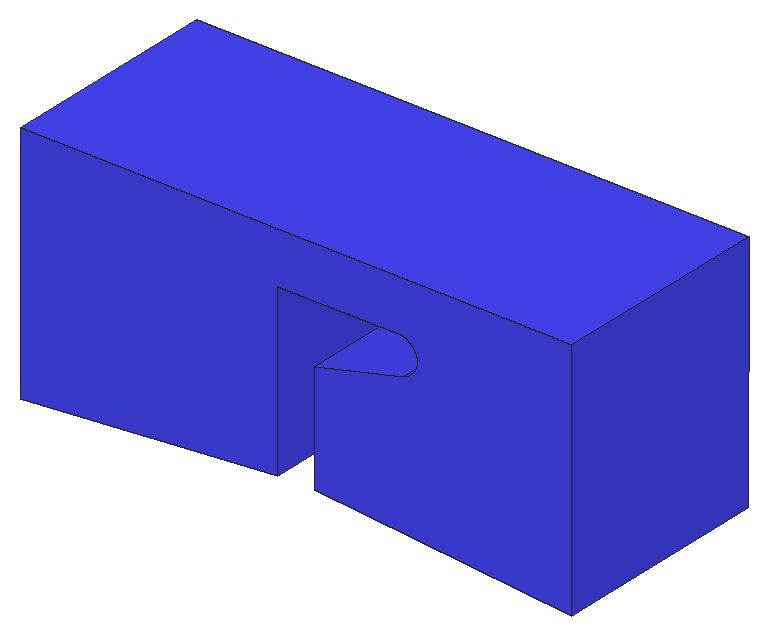
Revit family "ハゼ面戸(BS-55)", category 一般モデル, Revit 2021
Family settings
  鉄筋をホスト可能 = いいえ
  丸型コネクタ寸法 = 直径を使用
  パーツ タイプ = 標準
  作業面ベース = いいえ
  常に垂直 = はい
  ロード時にボイドで切り取り = いいえ
  共有 = いいえ
  部屋計算ポイント = いいえ
Parameters
  既定の高さ = 0 mm
Reference planes
  plane 1 "中心(正面/背面)": y = 0
  plane 2: z = 0
  plane 3 "中心(左/右)": x = 0
Forms (mm)
  Extrusion 1, solid, material "ポシェ"
    sketch origin (0, 15, 0) x (1, 0, 0) y (0, 0, 1)
      loop
        line (-37.5, 0) -> (-2.5, 3) -> (-2.5, 26) -> (13.987, 26)
        arc (13.987, 26) -> (16.5, 23.739) -> (14.516, 21.001) r 2.528
        line (14.516, 21.001) -> (2.5, 18) -> (2.5, 3) -> (37.5, 0) -> (37.5, 33) -> (-37.5, 33) -> (-37.5, 0)
    from 0 to 30
Dimensions and locks
  aligned and locked: level to plane 2
